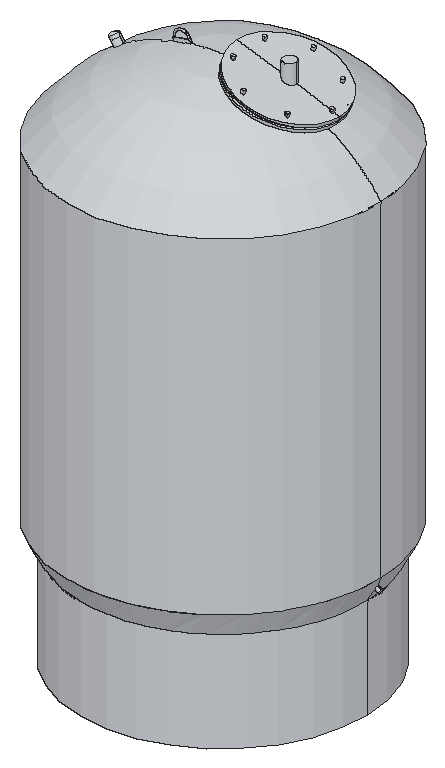
Revit family "NLA-7500", category Mechanical Equipment, Revit 2014
Parameters (values of type "NLA-7500")
  URL = "http://westank.com/"
  Top Clearence = B * 0.03194  # 4.05612"
  TankVolume = "1980 Gallons"
  SystemConnectionAngle = 50.00°
  PartNumber = "22017500"
  OuterRadius = D / 2  # 33"
  Model = "NLA-7500"
  MaximumOperatingTemperature = "240°F"
  MaximumOperatingPressure = "125 PSIG"
  Manufacturer = "Wessels Company"
  InnerRadius = (D * 0.9844) / 2  # 32.4852"
  HandleAngle = 110.00°
  F = 1"
  DrainAngle = 63.00°
  D = 66"
  CylinderHeight = B * 0.90693  # 115.17277"
  Cyl TOp = B * 0.1616  # 20.52189"
  Cyl Middle = B * 0.62996  # 79.99982"
  Cyl Botttom = B * 0.07034  # 8.93261"
  C = 3"
  B = 126.99191"
  ApproximateShipmentWeight = "4005 lbs"
  Angle = 50.00°
  A = 72"
Reference planes (in)
  plane 1 "Center (Front/Back)": y = 0
  plane 2: z = 0
  plane 3 "Center (Left/Right)": x = 0
  plane 4: x = -36
  plane 5: y = 1.9685
  plane 6: y = -1.9685
  plane 7: z = 126.99191
  plane 8: x = 36
  plane 9: z = 62.8728
  plane 10: x = -33
  plane 11: x = 33
  plane 12: z = 21.21085
  plane 13: y = 0
  plane 14: y = 8.22887
  plane 15: y = -8.22887
  plane 16: through (34.56677, -180, 26.13191) normal (0.4695, 0, 0.8829)
  plane 17: through (35.03624, -180, 27.01486) normal (0.4695, 0, 0.8829)
  plane 18: z = 103.38525
  plane 19: through (6.21632, -180, 122.36605) normal (0.2588, 0, 0.9659)
  plane 20: through (24.00643, -180, 118.06326) normal (-0.9511, 0, 0.309)
  plane 21: through (23.86255, -180, 119.61476) normal (0.9511, 0, -0.309)
  plane 22: through (25.90855, -180, 117.44523) normal (-0.9511, 0, 0.309)
  plane 23: through (25.76466, -180, 118.99673) normal (0.9511, 0, -0.309)
  plane 24: through (34.80151, -180, 26.57338) normal (0.4695, 0, 0.8829)
  plane 25: x = 13.71052
  plane 26: x = 16.71052
Forms (in)
  Revolve 1, solid
    sketch origin (0, 0, -5.125) x (1, 0, 0) y (0, 0, 1)
      loop
        arc (0, 128.06862) -> (-20.06305, 123.51931) -> (-36, 110.51025) r 44.96464
        line (-36, 110.51025) -> (-36, 34.0045)
        arc (-36, 34.0045) -> (-21.5015, 17.08612) -> (0, 11.24458) r 37.88185
        line (0, 11.24458) -> (0, 128.06862)
      axis (0, 128.06862) -> (0, 11.24458)
    angle from 0 to 360
  Extrusion 2, solid
    sketch origin (0, 0, 0) x (1, 0, 0) y (0, 1, 0)
      loop
        circle (0, 0) r 33
      loop
        circle (0, 0) r 32.4852
    from 24.72444 to 0
  Revolve 3, solid
    sketch origin (-20.70318, 0, 111.61331) x (-0.515937, 0, 0.856626) y (-0.856626, 0, -0.515937)
      loop
        line (5.44847, -0.0719) -> (5.44847, -1.16029) -> (6.95487, -1.16029) -> (6.95487, -1.12732) -> (7.76301, -1.12732)
        arc (7.76301, -1.12732) -> (8.10825, -0.65594) -> (8.12516, -0.0719) r 0.9835
        line (8.12516, -0.0719) -> (5.44847, -0.0719)
      axis (5.44847, -0.0719) -> (8.12516, -0.0719)
    angle from 0 to 360
  Sweep 4, solid
    path origin (-8.04032, 0, 116.84309) x (-0.204262, 0, 0.978916) y (-0.978916, 0, -0.204262)
      loop
        arc (6.10198, 1.75) -> (7.85198, 0) -> (6.10198, -1.75) r 1.75
    profile origin (-9.64419, 0, 124.52951) x (-0.204262, 0, 0.978916) y (0, -1, 0)
      loop
        circle (0, 0) r 0.15625
  Extrusion 5, solid
    sketch origin (-7.04454, 0, 112.07087) x (-0.204262, 0, 0.978916) y (-0.978916, 0, -0.204262)
      loop
        line (10.97698, 1.90561) -> (10, 1.90561) -> (10, -1.9095) -> (10.97698, -1.9095) -> (10.97698, 1.90561)
    from 0.15626 to -0.15626
  Sweep 6, solid
    path origin (-30.57549, 0, 68.9357) x (-1, 0, 0) y (0, 0, -1)
      loop
        arc (6.10198, 1.75) -> (7.85198, 0) -> (6.10198, -1.75) r 1.75
    profile origin (-38.42747, 0, 68.9357) x (-1, 0, 0) y (0, -1, 0)
      loop
        circle (0, 0) r 0.15625
  Extrusion 7, solid
    sketch origin (-25.70049, 0, 68.9357) x (-1, 0, 0) y (0, 0, -1)
      loop
        line (10.97698, 1.90561) -> (10, 1.90561) -> (10, -1.9095) -> (10.97698, -1.9095) -> (10.97698, 1.90561)
    from 0.15626 to -0.15626
  Revolve 8, solid
    sketch origin (3.31659, 0, 66.65505) x (0.309017, 0, 0.951057) y (-0.951057, 0, 0.309017)
      loop
        line (57.30729, 6.44322) -> (53.56713, 6.44322) -> (53.56713, -2.37712)
        arc (53.56713, -2.37712) -> (54.53511, -2.08187) -> (55.53563, -2.23393) r 2.28358
        line (55.53563, -2.23393) -> (55.53563, -5.7912) -> (56.12618, -5.7912) -> (56.12618, -5.17492) -> (56.71673, -5.17492) -> (56.71673, -5.7912) -> (57.30729, -5.7912) -> (57.30729, 6.44322)
      axis (53.56713, 6.44322) -> (57.30729, 6.44322)
    angle from 0 to 360
  Extrusion 9, solid
    sketch origin (10.28976, 0, 93.3504) x (1, 0, 0) y (0, 1, 0)
      loop
        circle (4.92076, 0) r 1.5
    from 33.64151 to 28.89151
  Extrusion 10, solid
    sketch origin (21.40031, -10.2855, 120.93297) x (0.847863, -0.457098, -0.268682) y (0.435743, 0.889416, -0.138084)
      loop
        circle (-1.65206, 10.75183) r 0.3937
    from 0.59055 to -2.40615
  Extrusion 11, solid
    sketch origin (11.06198, -11.56106, 124.28923) x (0.182913, -0.98172, -0.052626) y (0.934709, 0.190247, -0.300208)
      loop
        circle (-1.65206, 10.75183) r 0.3937
    from 0.59055 to -2.40615
  Extrusion 12, solid
    sketch origin (3.75358, -4.25285, 126.66387) x (-0.620272, -0.756211, 0.208344) y (0.720252, -0.654289, -0.230526)
      loop
        circle (-1.65206, 10.75183) r 0.3937
    from 0.59055 to -2.40615
  Extrusion 13, solid
    sketch origin (4.70196, 6.30496, 126.35573) x (-0.94798, 0.047116, 0.314823) y (-0.043762, -0.998885, 0.017717)
      loop
        circle (-1.65206, 10.75183) r 0.3937
    from 0.59055 to -2.40615
  Extrusion 14, solid
    sketch origin (13.18247, 12.04516, 123.60024) x (-0.549811, 0.814442, 0.18545) y (-0.773553, -0.580235, 0.25484)
      loop
        circle (-1.65206, 10.75183) r 0.3937
    from 0.59055 to -2.40615
  Extrusion 15, solid
    sketch origin (22.71517, 8.58169, 120.50288) x (0.269996, 0.959455, -0.080921) y (-0.911488, 0.281771, 0.299658)
      loop
        circle (-1.65206, 10.75183) r 0.3937
    from 0.59055 to -2.40615
  Extrusion 16, solid
    sketch origin (26.01615, -1.43903, 119.43033) x (0.885028, 0.371351, -0.280757) y (-0.352172, 0.928476, 0.117925)
      loop
        circle (-1.65206, 10.75183) r 0.3937
    from 0.59055 to -2.40615
  Extrusion 17, solid
    sketch origin (0, 0, 0) x (0, 1, 0) y (0, 0, 1)
      loop
        circle (0, 103.38525) r 0.5
    from -37.3465 to -35.42721
  Revolve 18, solid
    sketch origin (78.20795, 0, 48) x (-1, 0, 0) y (0, 0, 1)
      loop
        line (43.18407, -20.97857) -> (42.04124, -21.58622) -> (42.27598, -22.0277) -> (43.4188, -21.42005) -> (43.18407, -20.97857)
      axis (43.4188, -21.42005) -> (42.27598, -22.0277)
    angle from 0 to 360
Cuts and joins
  joined: Revolve 1, Extrusion 2, Revolve 3, Extrusion 5, Extrusion 7, Revolve 8, Extrusion 9, Extrusion 17, Revolve 18
Lines and regions (in)
  reference lines
    curve 1: line (0, 0, 62.8728) -> (-4.66021, 0, 68.42662)
    curve 2: line (0, 0, 62.8728) -> (-2.47965, 0, 69.68557)
    curve 3: line (0, 0, 21.21085) -> (16.48362, 0, 12.81203)
Dimensions and locks (in)
  equal spacing: plane 5, plane 1 "Center (Front/Back)", plane 6
  "B": plane 7 to level
  equal spacing: plane 8, plane 3 "Center (Left/Right)", plane 4
  "A": plane 8 to plane 4
  equal spacing: plane 11, plane 3 "Center (Left/Right)", plane 10
  locked: Revolve 3 sketch curve to Revolve 3 sketch curve at 0.03297
  equal spacing: plane 14, plane 13, plane 15
  locked: Revolve 8 sketch curve to Revolve 8 sketch curve at 0.59055  (x3)
  locked: Revolve 8 sketch curve to Revolve 8 sketch curve at 1.9685
  "F": plane 17 to plane 16
  Revolve 1 sketch curve to level = 6.11958"
  locked: Extrusion 17 sketch curve to plane 13 at 0
  locked: Extrusion 17 sketch curve to plane 18
  locked: Revolve 1 to plane 18 at 2
  "D": plane 11 to plane 10
  equal spacing: plane 17, plane 24, plane 16
  "C": plane 25 to plane 26
  "OuterRadius": radius of Extrusion 2 sketch curve
  "InnerRadius": radius of Extrusion 2 sketch curve
  "C": diameter of Extrusion 9 sketch curve
  "Angle": angle curve 1 to plane 9
  "HandleAngle": angle plane 9 to curve 2
  "DrainAngle": angle plane 3 "Center (Left/Right)" to curve 3
  aligned and locked: level to plane 2
  aligned and locked: Extrusion 2 to level
  aligned and locked: plane 4 to Revolve 1 sketch curve
  aligned and locked: plane 3 "Center (Left/Right)" to curve 1
  aligned and locked: plane 9 to curve 1
  aligned and locked: Revolve 3 sketch curve to Revolve 3 sketch curve
  aligned and locked: plane 9 to curve 2
  aligned and locked: plane 3 "Center (Left/Right)" to curve 2
  aligned and locked: Extrusion 5 sketch curve to Sweep 4
  aligned and locked: plane 12 to curve 3
  aligned and locked: plane 3 "Center (Left/Right)" to curve 3
  aligned and locked: Extrusion 7 sketch curve to Sweep 6
  aligned and locked: Revolve 8 sketch curve to Revolve 8 sketch curve
  aligned and locked: plane 7 to Extrusion 9
  aligned and locked: Revolve 18 sketch curve to plane 17
  aligned and locked: Revolve 18 sketch curve to plane 24
  aligned and locked: Revolve 18 sketch curve to Revolve 18 sketch curve
  aligned and locked: plane 25 to cut or joined group of Revolve 1, Extrusion 2, Revolve 3, Extrusion 5, Extrusion 7, Revolve 8, Extrusion 9, Extrusion 17, Revolve 18
Automatic sketch dimensions
  Revolve 1 sketch curve to plane 3 "Center (Left/Right)" = 0"  (x2)
  Revolve 1 sketch curve to plane 3 "Center (Left/Right)" = 1.25819"
  Revolve 1 sketch curve to plane 3 "Center (Left/Right)" = 0.35185"
  plane 12 to Revolve 1 sketch curve = 7.66865"
  plane 9 to Revolve 1 sketch curve = 15.10756"
  Revolve 1 sketch curve to Revolve 1 sketch curve = 0"
  Revolve 1 sketch curve to Revolve 1 sketch curve = 1.18638"
  curve 2 to Sweep 6 sketch curve = 34.19782"
  curve 2 to Sweep 6 sketch curve = 0.74988"
  Sweep 6 sketch curve to Sweep 6 sketch curve = 1 3/4"
  Sweep 6 sketch curve to profile plane = 0"
  profile plane to Sweep 6 sketch curve = 0"
  Extrusion 7 sketch curve to Extrusion 7 sketch curve = 0.97698"
  Extrusion 7 sketch curve to curve 2 = 1.15963"
  Extrusion 7 sketch curve to Extrusion 7 sketch curve = 3.81511"
  plane 22 to Revolve 8 sketch curve = 0"
  Revolve 8 sketch curve to plane 23 = 0"
  Revolve 8 sketch curve to plane 21 = 9.61813"
  Revolve 8 sketch curve to plane 19 = 0.73228"
  Revolve 8 sketch curve to plane 20 = 0.56823"
  Revolve 8 sketch curve to Revolve 8 sketch curve = 1.4254"
  Revolve 8 sketch curve to plane 21 = 0.7978"
  Revolve 8 sketch curve to Revolve 8 sketch curve = 8.25878"
  Revolve 8 sketch curve to Revolve 8 sketch curve = 0.00107"
  Revolve 8 sketch curve to Revolve 8 sketch curve = 0"
  plane 8 to Revolve 18 sketch curve = 0.16671"
  Revolve 18 sketch curve to plane 8 = 0.97612"
  plane 8 to Revolve 18 sketch curve = 0.55504"
  Revolve 18 sketch curve to Revolve 18 sketch curve = 0"
  Extrusion 2 sketch curve to Extrusion 2 sketch curve = 0"  (x2)
  plane 1 "Center (Front/Back)" to Extrusion 2 sketch curve = 0"
  Extrusion 2 sketch curve to plane 3 "Center (Left/Right)" = 0"
  plane 1 "Center (Front/Back)" to Extrusion 9 sketch curve = 0"
  Extrusion 9 sketch curve to plane 25 = 1 1/2"
  curve 2 to Sweep 4 sketch curve = 53.40107"
  Sweep 4 sketch curve to curve 2 = 4.18908"
  Sweep 4 sketch curve to Sweep 4 sketch curve = 1 3/4"
  Sweep 4 sketch curve to profile plane = 0"
  profile plane to Sweep 4 sketch curve = 0"
  Extrusion 5 sketch curve to Extrusion 5 sketch curve = 0.97698"
  Extrusion 5 sketch curve to curve 2 = 6.09858"
  Extrusion 5 sketch curve to Extrusion 5 sketch curve = 3.81511"
  curve 1 to Revolve 3 sketch curve = 50.72049"
  Revolve 3 sketch curve to Revolve 3 sketch curve = 1.5064"
  Revolve 3 sketch curve to Revolve 3 sketch curve = 0"
  Revolve 3 sketch curve to Revolve 3 sketch curve = 0.22312"
  Revolve 3 sketch curve to Revolve 3 sketch curve = 0.80814"
  Revolve 3 sketch curve to Revolve 3 sketch curve = 0.94717"
  Revolve 3 sketch curve to curve 1 = 9.69908"
  Revolve 3 sketch curve to Revolve 3 sketch curve = 0.79058"
  Revolve 3 sketch curve to Revolve 3 sketch curve = 5.44847"
  Revolve 3 sketch curve to Revolve 3 sketch curve = 0.07201"
  Revolve 1 sketch curve to plane 18 = 2"
  radius of Extrusion 10 sketch curve = 0.3937"
  radius of Extrusion 11 sketch curve = 0.3937"
  radius of Extrusion 12 sketch curve = 0.3937"
  radius of Extrusion 13 sketch curve = 0.3937"
  radius of Extrusion 14 sketch curve = 0.3937"
  radius of Extrusion 15 sketch curve = 0.3937"
  radius of Extrusion 16 sketch curve = 0.3937"
  radius of Sweep 6 sketch curve = 5/32"
  radius of Extrusion 17 sketch curve = 1/2"
  radius of Sweep 4 sketch curve = 5/32"
Connectors (in)
  piping at (15.21052, 0, 126.99191), diameter 3, driven by "C"
    settings: on Extrusion 9, index 3, connector inside diameter 24", connector length 0", flow factor 0, pipe flow 0 GPM, pressure drop 0.00 psi, fitting loss kfactor 0, connector angle 0.00°, fixture units 0, engagement length 0", angle of deflection 0.00°, flow configuration 0, flow direction 0, fitting loss method 0, system type 7, joint type 0, gender type 0, connector reference index -1, connector utility 0, adjustable connector no, is connector primary yes, connector description ""
